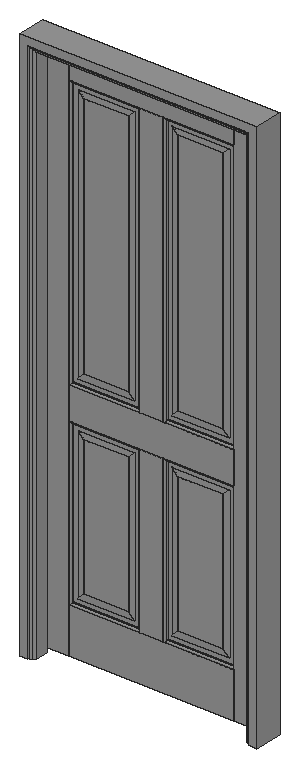
Revit family "IUE4P", category Doors, host Wall, Revit 2013
Parameters (values of type "IUE4P")
  Function = Interior
  Frame Projection Ext. = 25 mm
  Frame Projection Int. = 25 mm
  Frame Width = 75 mm
  Height = 2090 mm
  Wall Closure = By host
  Width = 889 mm
Reference planes
  plane 1: y = 0
  plane 2 "Center (Left/Right)": x = 0
  plane 3 "Left": x = -444.5
  plane 4 "Right": x = 444.5
  plane 5: z = 2090
  plane 6 "Exterior": y = 75
  plane 7 "Interior": y = -75
Forms (mm)
  Sweep 1, solid, material "Lauan, Meranti"
    path origin (0, 75, 0) x (1, 0, 0) y (0, 0, 1)
      loop
        line (444.5, 0) -> (444.5, 2090) -> (-444.5, 2090) -> (-444.5, 0)
    profile "Van Acht 105x50 Door Frame Routed Profile (Heavy) : Van Acht 105x50 Door Frame Routed Profile (Heavy)" origin (444.5, 75, 1045) x (-1, 0, 0) y (0, -1, 0)
      loop
        line (0, 22.5) -> (38, 22.5) -> (38, 67.5) -> (50, 67.5) -> (50, 112.5)
        arc (50, 112.5) -> (44.957, 114.29) -> (42.17, 118.859) r 8
        line (42.17, 118.859) -> (39, 118.859)
        arc (39, 118.859) -> (35.311, 122.973) -> (30, 124.5) r 10
        line (30, 124.5) -> (30, 127.5) -> (0, 127.5) -> (0, 22.5)
  Extrusion 2, solid, material "Lauan, Meranti"
    sketch origin (0, -85, 0) x (0, 1, 0) y (0, 0, 1)
      loop
        line (132.5, 20) -> (132.5, 191) -> (130.5, 191)
        arc (130.5, 191) -> (128.866, 195.67) -> (124.5, 198) r 6.807
        line (124.5, 198) -> (124.5, 200) -> (122.5, 200) -> (122.5, 185) -> (102.5, 185) -> (102.5, 200) -> (100.5, 200) -> (100.5, 198)
        arc (100.5, 198) -> (96.134, 195.67) -> (94.5, 191) r 6.807
        line (94.5, 191) -> (92.5, 191) -> (92.5, 20) -> (132.5, 20)
      loop
        line (132.5, 809) -> (132.5, 931) -> (130.5, 931)
        arc (130.5, 931) -> (128.866, 935.67) -> (124.5, 938) r 6.807
        line (124.5, 938) -> (124.5, 940) -> (122.5, 940) -> (122.5, 925) -> (102.5, 925) -> (102.5, 940) -> (100.5, 940) -> (100.5, 938)
        arc (100.5, 938) -> (96.134, 935.67) -> (94.5, 931) r 6.807
        line (94.5, 931) -> (92.5, 931) -> (92.5, 809) -> (94.5, 809)
        arc (94.5, 809) -> (96.134, 804.33) -> (100.5, 802) r 6.807
        line (100.5, 802) -> (100.5, 800) -> (102.5, 800) -> (102.5, 815) -> (122.5, 815) -> (122.5, 800) -> (124.5, 800) -> (124.5, 802)
        arc (124.5, 802) -> (128.866, 804.33) -> (130.5, 809) r 6.807
        line (130.5, 809) -> (132.5, 809)
      loop
        line (130.5, 1956) -> (132.5, 1956) -> (132.5, 2052) -> (92.5, 2052) -> (92.5, 1956) -> (94.5, 1956)
        arc (94.5, 1956) -> (96.134, 1951.33) -> (100.5, 1949) r 6.807
        line (100.5, 1949) -> (100.5, 1947) -> (102.5, 1947) -> (102.5, 1962) -> (122.5, 1962) -> (122.5, 1947) -> (124.5, 1947) -> (124.5, 1949)
        arc (124.5, 1949) -> (128.866, 1951.33) -> (130.5, 1956) r 6.807
    from -310.5 to 310.5
  Extrusion 3, solid, material "Lauan, Meranti"
    sketch origin (0, 0, 0) x (1, 0, 0) y (0, 1, 0)
      loop
        line (-406.5, 47.5) -> (-406.5, 7.5) -> (-310.5, 7.5) -> (-310.5, 9.5)
        arc (-310.5, 9.5) -> (-305.765, 11.06) -> (-303.5, 15.5) r 6.549
        line (-303.5, 15.5) -> (-301.5, 15.5) -> (-301.5, 17.5) -> (-316.5, 17.5) -> (-316.5, 37.5) -> (-301.5, 37.5) -> (-301.5, 39.5) -> (-303.5, 39.5)
        arc (-303.5, 39.5) -> (-305.765, 43.94) -> (-310.5, 45.5) r 6.549
        line (-310.5, 45.5) -> (-310.5, 47.5) -> (-406.5, 47.5)
      loop
        line (406.5, 47.5) -> (310.5, 47.5) -> (310.5, 45.5)
        arc (310.5, 45.5) -> (305.765, 43.94) -> (303.5, 39.5) r 6.549
        line (303.5, 39.5) -> (301.5, 39.5) -> (301.5, 37.5) -> (316.5, 37.5) -> (316.5, 17.5) -> (301.5, 17.5) -> (301.5, 15.5) -> (303.5, 15.5)
        arc (303.5, 15.5) -> (305.765, 11.06) -> (310.5, 9.5) r 6.549
        line (310.5, 9.5) -> (310.5, 7.5) -> (406.5, 7.5) -> (406.5, 47.5)
    from 20 to 2052
  Sweep 4, solid, material "Lauan, Meranti"
    path origin (0, 75, 0) x (1, 0, 0) y (0, 0, 1)
      loop
        line (310.5, 809) -> (43.5, 809) -> (43.5, 191) -> (310.5, 191) -> (310.5, 809)
    profile origin (177, 75, 809) x (0, 0, -1) y (0, -1, 0)
      loop
        line (-4.5, 57.5) -> (-4.5, 37.5) -> (25.727, 37.5)
        arc (25.727, 37.5) -> (37.124, 37.25) -> (48.5, 36.5) r 259.807
        line (48.5, 36.5) -> (48.5, 58.5)
        arc (48.5, 58.5) -> (37.124, 57.75) -> (25.727, 57.5) r 259.807
        line (25.727, 57.5) -> (-4.5, 57.5)
  Extrusion 5, solid, material "Lauan, Meranti"
    sketch origin (0, 75, 0) x (1, 0, 0) y (0, 0, 1)
      loop
        line (262, 760.5) -> (92, 760.5) -> (92, 239.5) -> (262, 239.5) -> (262, 760.5)
    from 36.5 to 58.5
  Extrusion 6, solid, material "Lauan, Meranti"
    sketch origin (0, -55, 0) x (1, 0, 0) y (0, 1, 0)
      loop
        line (-37.5, 92.5) -> (-37.5, 72.5) -> (-52.5, 72.5) -> (-52.5, 70.5) -> (-50.5, 70.5)
        arc (-50.5, 70.5) -> (-48.235, 66.06) -> (-43.5, 64.5) r 6.549
        line (-43.5, 64.5) -> (-43.5, 62.5) -> (43.5, 62.5) -> (43.5, 64.5)
        arc (43.5, 64.5) -> (48.235, 66.06) -> (50.5, 70.5) r 6.549
        line (50.5, 70.5) -> (52.5, 70.5) -> (52.5, 72.5) -> (37.5, 72.5) -> (37.5, 92.5) -> (52.5, 92.5) -> (52.5, 94.5) -> (50.5, 94.5)
        arc (50.5, 94.5) -> (48.235, 98.94) -> (43.5, 100.5) r 6.549
        line (43.5, 100.5) -> (43.5, 102.5) -> (-43.5, 102.5) -> (-43.5, 100.5)
        arc (-43.5, 100.5) -> (-48.235, 98.94) -> (-50.5, 94.5) r 6.549
        line (-50.5, 94.5) -> (-52.5, 94.5) -> (-52.5, 92.5) -> (-37.5, 92.5)
    from 191 to 809
  Sweep 7, solid, material "Lauan, Meranti"
    path origin (-354, 75, 0) x (1, 0, 0) y (0, 0, 1)
      loop
        line (310.5, 809) -> (43.5, 809) -> (43.5, 191) -> (310.5, 191) -> (310.5, 809)
    profile origin (-177, 75, 809) x (0, 0, -1) y (0, -1, 0)
      loop
        line (-4.5, 57.5) -> (-4.5, 37.5) -> (25.727, 37.5)
        arc (25.727, 37.5) -> (37.124, 37.25) -> (48.5, 36.5) r 259.807
        line (48.5, 36.5) -> (48.5, 58.5)
        arc (48.5, 58.5) -> (37.124, 57.75) -> (25.727, 57.5) r 259.807
        line (25.727, 57.5) -> (-4.5, 57.5)
  Extrusion 8, solid, material "Lauan, Meranti"
    sketch origin (-354, 75, 0) x (1, 0, 0) y (0, 0, 1)
      loop
        line (262, 760.5) -> (92, 760.5) -> (92, 239.5) -> (262, 239.5) -> (262, 760.5)
    from 36.5 to 58.5
  Sweep 9, solid, material "Lauan, Meranti"
    path origin (0, 75, 740) x (1, 0, 0) y (0, 0, 1)
      loop
        line (310.5, 1216) -> (43.5, 1216) -> (43.5, 191) -> (310.5, 191) -> (310.5, 1216)
    profile origin (177, 75, 1956) x (0, 0, -1) y (0, -1, 0)
      loop
        line (-4.5, 57.5) -> (-4.5, 37.5) -> (25.727, 37.5)
        arc (25.727, 37.5) -> (37.124, 37.25) -> (48.5, 36.5) r 259.807
        line (48.5, 36.5) -> (48.5, 58.5)
        arc (48.5, 58.5) -> (37.124, 57.75) -> (25.727, 57.5) r 259.807
        line (25.727, 57.5) -> (-4.5, 57.5)
  Extrusion 10, solid, material "Lauan, Meranti"
    sketch origin (0, 75, 740) x (1, 0, 0) y (0, 0, 1)
      loop
        line (262, 1167.5) -> (92, 1167.5) -> (92, 239.5) -> (262, 239.5) -> (262, 1167.5)
    from 36.5 to 58.5
  Extrusion 11, solid, material "Lauan, Meranti"
    sketch origin (0, -55, 740) x (1, 0, 0) y (0, 1, 0)
      loop
        line (-37.5, 92.5) -> (-37.5, 72.5) -> (-52.5, 72.5) -> (-52.5, 70.5) -> (-50.5, 70.5)
        arc (-50.5, 70.5) -> (-48.235, 66.06) -> (-43.5, 64.5) r 6.549
        line (-43.5, 64.5) -> (-43.5, 62.5) -> (43.5, 62.5) -> (43.5, 64.5)
        arc (43.5, 64.5) -> (48.235, 66.06) -> (50.5, 70.5) r 6.549
        line (50.5, 70.5) -> (52.5, 70.5) -> (52.5, 72.5) -> (37.5, 72.5) -> (37.5, 92.5) -> (52.5, 92.5) -> (52.5, 94.5) -> (50.5, 94.5)
        arc (50.5, 94.5) -> (48.235, 98.94) -> (43.5, 100.5) r 6.549
        line (43.5, 100.5) -> (43.5, 102.5) -> (-43.5, 102.5) -> (-43.5, 100.5)
        arc (-43.5, 100.5) -> (-48.235, 98.94) -> (-50.5, 94.5) r 6.549
        line (-50.5, 94.5) -> (-52.5, 94.5) -> (-52.5, 92.5) -> (-37.5, 92.5)
    from 191 to 1216
  Sweep 12, solid, material "Lauan, Meranti"
    path origin (-354, 75, 740) x (1, 0, 0) y (0, 0, 1)
      loop
        line (310.5, 1216) -> (43.5, 1216) -> (43.5, 191) -> (310.5, 191) -> (310.5, 1216)
    profile origin (-177, 75, 1956) x (0, 0, -1) y (0, -1, 0)
      loop
        line (-4.5, 57.5) -> (-4.5, 37.5) -> (25.727, 37.5)
        arc (25.727, 37.5) -> (37.124, 37.25) -> (48.5, 36.5) r 259.807
        line (48.5, 36.5) -> (48.5, 58.5)
        arc (48.5, 58.5) -> (37.124, 57.75) -> (25.727, 57.5) r 259.807
        line (25.727, 57.5) -> (-4.5, 57.5)
  Extrusion 13, solid, material "Lauan, Meranti"
    sketch origin (-354, 75, 740) x (1, 0, 0) y (0, 0, 1)
      loop
        line (262, 1167.5) -> (92, 1167.5) -> (92, 239.5) -> (262, 239.5) -> (262, 1167.5)
    from 36.5 to 58.5
Lines and regions (mm)
  Opening 1
    outline origin (-3050, -75, 0) x (1, 0, 0) y (0, 0, 1)
      loop
        line (2605.5, 0) -> (3494.5, 0) -> (3494.5, 2090) -> (2605.5, 2090) -> (2605.5, 0)
  symbolic lines, style "Elevation Swing"
    curve 1: line (444.5, -75, 1045) -> (-444.5, -75, 2090)
    curve 2: line (444.5, -75, 1045) -> (-444.5, -75, 0)
  model lines
    curve 3: line (406.5, 52.5, 0) -> (406.5, 865.5, 0)
    curve 4: arc (-406.5, 52.5, 0) -> (-168.378, 627.378, 0) -> (406.5, 865.5, 0) r 813
Text (mm)
  text "Exterior" at (-2295.016, 1099.543, 0), in view "Ref. Level"
  text "Exterior" at (0, 1615.38, 3698.081), in view "Left"
  text "Exterior" at (0, 1036.032, 3874.932), in view "Right"
Dimensions and locks
  equal spacing: plane 3 "Left", plane 2 "Center (Left/Right)", plane 4 "Right"
  "Width": plane 3 "Left" to plane 4 "Right"
  "Height": plane 5 to host wall
  equal spacing: host wall, curve 2, plane 5
  host wall to plane 5 = 2090 mm
  locked: plane 6 "Exterior" to host wall at 0
  locked: plane 7 "Interior" to host wall
  plane 3 "Left" to plane 4 "Right" = 889 mm
  Sweep 1 to Sweep 1 = 813 mm
  Extrusion 3 to Sweep 1 = 2032 mm
  aligned and locked: plane 3 "Left" to Opening 1 sketch curve
  aligned and locked: plane 5 to Opening 1 sketch curve  (x2)
  aligned and locked: Opening 1 sketch curve to plane 4 "Right"
  aligned and locked: Opening 1 sketch curve to level
  aligned and locked: plane 5 to curve 1
  aligned and locked: plane 3 "Left" to curve 2
  aligned and locked: plane 1 to host wall
  aligned and locked: plane 3 "Left" to curve 1
Automatic sketch dimensions
  plane 4 "Right" to curve 2 = 0 mm
  curve 2 to level = 0 mm
  plane 3 "Left" to Sweep 1 sketch curve = 0 mm
  plane 4 "Right" to Sweep 1 sketch curve = 0 mm
  Sweep 1 sketch curve to plane 5 = 0 mm
  Sweep 1 sketch curve to level = 0 mm  (x2)
  Extrusion 2 sketch curve to host wall = 7.5 mm  (x3)
  level to Extrusion 2 sketch curve = 20 mm
  Extrusion 2 sketch curve to Extrusion 2 sketch curve = 2 mm  (x22)
  Extrusion 2 sketch curve to Extrusion 2 sketch curve = 6 mm  (x12)
  Extrusion 2 sketch curve to Extrusion 2 sketch curve = 20 mm  (x4)
  Extrusion 2 sketch curve to host wall = 27.5 mm
  Extrusion 2 sketch curve to Extrusion 2 sketch curve = 1.197 mm  (x8)
  Extrusion 2 sketch curve to Extrusion 2 sketch curve = 165 mm
  Extrusion 2 sketch curve to Extrusion 2 sketch curve = 7 mm  (x8)
  Extrusion 2 sketch curve to Extrusion 2 sketch curve = 600 mm
  Extrusion 2 sketch curve to Extrusion 2 sketch curve = 0 mm  (x2)
  Extrusion 2 sketch curve to Extrusion 2 sketch curve = 6.241 mm  (x2)
  Extrusion 2 sketch curve to Extrusion 2 sketch curve = 110 mm
  plane 5 to Extrusion 2 sketch curve = 143 mm
  plane 5 to Extrusion 2 sketch curve = 38 mm
  Extrusion 3 sketch curve to host wall = 7.5 mm  (x2)
  Extrusion 3 sketch curve to plane 3 "Left" = 38 mm
  Extrusion 3 sketch curve to host wall = 37.5 mm  (x2)
  Extrusion 3 sketch curve to Extrusion 3 sketch curve = 90 mm
  Extrusion 3 sketch curve to Extrusion 3 sketch curve = 6 mm  (x7)
  Extrusion 3 sketch curve to Extrusion 3 sketch curve = 7 mm  (x4)
  Extrusion 3 sketch curve to Extrusion 3 sketch curve = 2 mm  (x11)
  plane 4 "Right" to Extrusion 3 sketch curve = 143 mm
  Extrusion 3 sketch curve to Extrusion 3 sketch curve = 0 mm
  plane 4 "Right" to Extrusion 3 sketch curve = 38 mm
  Extrusion 3 sketch curve to Extrusion 3 sketch curve = 0.473 mm  (x2)
  Extrusion 3 sketch curve to Extrusion 3 sketch curve = 6.527 mm  (x2)
  Extrusion 3 sketch curve to Extrusion 3 sketch curve = 1.468 mm
  profile plane to Sweep 4 sketch curve = 4.5 mm
  plane 6 "Exterior" to Sweep 4 sketch curve = 36.5 mm
  Sweep 4 sketch curve to profile plane = 25.727 mm
  Sweep 4 sketch curve to Sweep 4 sketch curve = 0 mm
  Sweep 4 sketch curve to Sweep 4 sketch curve = 22.773 mm
  plane 6 "Exterior" to Sweep 4 sketch curve = 37.5 mm
  Sweep 4 sketch curve to Sweep 4 sketch curve = 20 mm
  Sweep 4 sketch curve to Sweep 4 sketch curve = 22 mm
  plane 2 "Center (Left/Right)" to Extrusion 5 sketch curve = 92 mm
  level to Extrusion 5 sketch curve = 239.5 mm
  Extrusion 5 sketch curve to Extrusion 5 sketch curve = 170 mm
  Extrusion 5 sketch curve to Extrusion 5 sketch curve = 521 mm
  plane 4 "Right" to curve 3 = 38 mm
  host wall to curve 3 = 790.5 mm
  curve 4 to host wall = 22.5 mm
  curve 3 to curve 4 = 0 mm
  Extrusion 6 sketch curve to host wall = 17.5 mm  (x2)
  Extrusion 6 sketch curve to plane 2 "Center (Left/Right)" = 52.5 mm
  Extrusion 6 sketch curve to host wall = 7.5 mm
  Extrusion 6 sketch curve to Extrusion 6 sketch curve = 0 mm
  Extrusion 6 sketch curve to Extrusion 6 sketch curve = 2 mm  (x11)
  Extrusion 6 sketch curve to Extrusion 6 sketch curve = 7 mm  (x4)
  Extrusion 6 sketch curve to Extrusion 6 sketch curve = 6 mm  (x5)
  plane 2 "Center (Left/Right)" to Extrusion 6 sketch curve = 37.5 mm
  Extrusion 6 sketch curve to Extrusion 6 sketch curve = 6.527 mm
  Extrusion 6 sketch curve to Extrusion 6 sketch curve = 0.473 mm  (x3)
  Extrusion 6 sketch curve to Extrusion 6 sketch curve = 20 mm  (x2)
  profile plane to Sweep 7 sketch curve = 4.5 mm
  plane 6 "Exterior" to Sweep 7 sketch curve = 36.5 mm
  Sweep 7 sketch curve to profile plane = 25.727 mm
  Sweep 7 sketch curve to Sweep 7 sketch curve = 0 mm
  Sweep 7 sketch curve to Sweep 7 sketch curve = 22.773 mm
  plane 6 "Exterior" to Sweep 7 sketch curve = 37.5 mm
  Sweep 7 sketch curve to Sweep 7 sketch curve = 20 mm
  Sweep 7 sketch curve to Sweep 7 sketch curve = 22 mm
  Extrusion 8 sketch curve to plane 3 "Left" = 182.5 mm
  Extrusion 8 sketch curve to plane 2 "Center (Left/Right)" = 92 mm
  level to Extrusion 8 sketch curve = 239.5 mm
  Extrusion 8 sketch curve to Extrusion 8 sketch curve = 521 mm
  plane 2 "Center (Left/Right)" to Sweep 9 sketch curve = 43.5 mm
  plane 4 "Right" to Sweep 9 sketch curve = 134 mm
  level to Sweep 9 sketch curve = 931 mm
  plane 5 to Sweep 9 sketch curve = 134 mm
  profile plane to Sweep 9 sketch curve = 4.5 mm
  plane 6 "Exterior" to Sweep 9 sketch curve = 36.5 mm
  Sweep 9 sketch curve to profile plane = 25.727 mm
  Sweep 9 sketch curve to Sweep 9 sketch curve = 0 mm
  Sweep 9 sketch curve to Sweep 9 sketch curve = 22.773 mm
  plane 6 "Exterior" to Sweep 9 sketch curve = 37.5 mm
  Sweep 9 sketch curve to Sweep 9 sketch curve = 20 mm
  Sweep 9 sketch curve to Sweep 9 sketch curve = 22 mm
  plane 2 "Center (Left/Right)" to Extrusion 10 sketch curve = 92 mm
  plane 4 "Right" to Extrusion 10 sketch curve = 182.5 mm
  level to Extrusion 10 sketch curve = 979.5 mm
  plane 5 to Extrusion 10 sketch curve = 182.5 mm
  Extrusion 11 sketch curve to host wall = 17.5 mm  (x2)
  Extrusion 11 sketch curve to plane 2 "Center (Left/Right)" = 52.5 mm
  Extrusion 11 sketch curve to host wall = 7.5 mm
  Extrusion 11 sketch curve to Extrusion 11 sketch curve = 0 mm
  Extrusion 11 sketch curve to Extrusion 11 sketch curve = 2 mm  (x11)
  Extrusion 11 sketch curve to Extrusion 11 sketch curve = 7 mm  (x4)
  Extrusion 11 sketch curve to Extrusion 11 sketch curve = 6 mm  (x5)
  plane 2 "Center (Left/Right)" to Extrusion 11 sketch curve = 37.5 mm
  Extrusion 11 sketch curve to Extrusion 11 sketch curve = 6.527 mm
  Extrusion 11 sketch curve to Extrusion 11 sketch curve = 0.473 mm  (x3)
  Extrusion 11 sketch curve to Extrusion 11 sketch curve = 20 mm  (x2)
  Sweep 12 sketch curve to plane 3 "Left" = 134 mm
  Sweep 12 sketch curve to plane 2 "Center (Left/Right)" = 43.5 mm
  level to Sweep 12 sketch curve = 931 mm
  plane 5 to Sweep 12 sketch curve = 134 mm
  profile plane to Sweep 12 sketch curve = 4.5 mm
  plane 6 "Exterior" to Sweep 12 sketch curve = 36.5 mm
  Sweep 12 sketch curve to profile plane = 25.727 mm
  Sweep 12 sketch curve to Sweep 12 sketch curve = 0 mm
  Sweep 12 sketch curve to Sweep 12 sketch curve = 22.773 mm
  plane 6 "Exterior" to Sweep 12 sketch curve = 37.5 mm
  Sweep 12 sketch curve to Sweep 12 sketch curve = 20 mm
  Sweep 12 sketch curve to Sweep 12 sketch curve = 22 mm
  Extrusion 13 sketch curve to plane 3 "Left" = 182.5 mm
  Extrusion 13 sketch curve to plane 2 "Center (Left/Right)" = 92 mm
  level to Extrusion 13 sketch curve = 979.5 mm
  plane 5 to Extrusion 13 sketch curve = 182.5 mm
  plane 2 "Center (Left/Right)" to Sweep 4 sketch curve = 43.5 mm
  level to Sweep 4 sketch curve = 191 mm
  plane 4 "Right" to Sweep 4 sketch curve = 134 mm
  Sweep 4 sketch curve to Sweep 4 sketch curve = 618 mm
  Sweep 7 sketch curve to plane 3 "Left" = 134 mm
  Sweep 7 sketch curve to plane 2 "Center (Left/Right)" = 43.5 mm
  level to Sweep 7 sketch curve = 191 mm
  Sweep 7 sketch curve to Sweep 7 sketch curve = 618 mm
